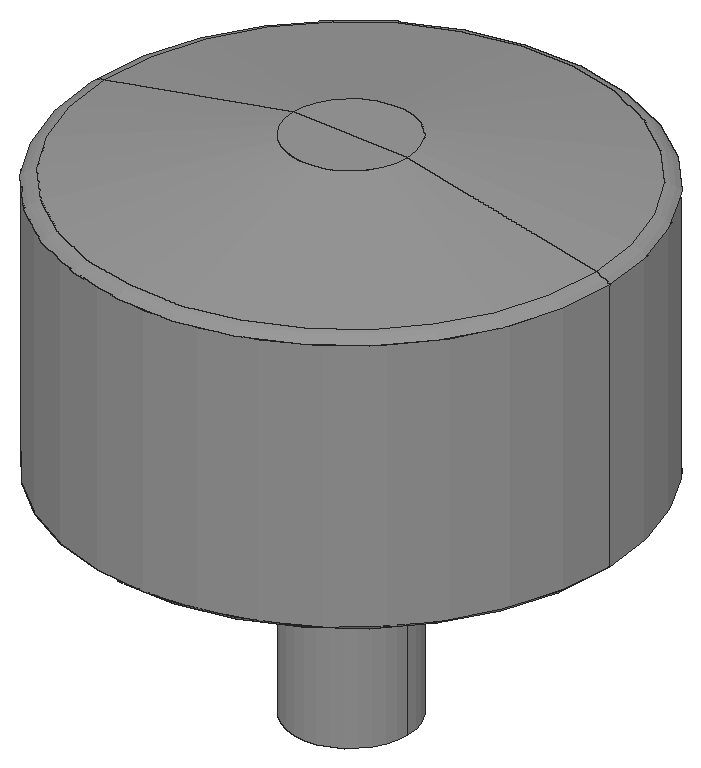
Revit family "WHB", category Pipe Accessories, Revit 2013
Parameters (values of type "A")
  URL = "www.mifab.com"
  N.P.T Connection = 0' - 0 3/4"
  Model = "WHB"
  Manufacturer = "Mifab"
  Material = Stainless Steel
  Length = 0' - 3 3/8"
  Diameter = 0' - 3 3/8"
  Description = "Stainless Steel Bellows Water Hammer Arrestors"
  Assembly Code = ""
Types (7): name | N.P.T Connection | Material | Length
  (no name) | 0' - 0 3/4" | Stainless Steel | 0' - 3 3/8"
  A | 0' - 0 3/4" | Stainless Steel | 0' - 3 3/8"
  B | 0' - 1" | Metal-Watts-Copper | 0' - 4"
  C | 0' - 1" | Metal-Watts-Copper | 0' - 4 3/8"
  D | 0' - 1" | Metal-Watts-Copper | 0' - 5 3/8"
  E | 0' - 1" | Metal-Watts-Copper | 0' - 7 1/4"
  F | 0' - 1" | Metal-Watts-Copper | 0' - 7 1/4"
Reference planes (in)
  plane 1 "Center (Front/Back)": y = 0
  plane 2: z = 0
  plane 3 "Center (Left/Right)": x = 0
  plane 4: x = -1.6875
  plane 5: x = 1.6875
  plane 6: x = -0.375
  plane 7: x = 0.375
  plane 8: z = 18.36437
  plane 9: z = 14.98937
Forms (in)
  Revolve 1, solid, material "Stainless Steel" <- "Material"
    sketch origin (0, 0, -0.28529) x (1, 0, 0) y (0, 0, 1)
      loop
        line (0, 18.36437) -> (1.6875, 18.36437)
        arc (1.6875, 18.36437) -> (1.64841, 18.39442) -> (1.60203, 18.41115) r 0.16027
        line (1.60203, 18.41115) -> (0.375, 18.64967) -> (0, 18.64967) -> (0, 18.36437)
      axis (0, 18.64967) -> (0, 18.36437)
    angle from 0 to 360
  Revolve 2, solid, material "Stainless Steel" <- "Material"
    sketch origin (0, 0, -0.28529) x (1, 0, 0) y (0, 0, 1)
      loop
        line (0, 18.36437) -> (0, 16.71966) -> (1.6875, 16.71966) -> (1.6875, 18.36437) -> (0, 18.36437)
      axis (0, 18.36437) -> (0, 16.71966)
    angle from 0 to 360
  Revolve 3, solid, material "Stainless Steel" <- "Material"
    sketch origin (0, 0, -0.28529) x (1, 0, 0) y (0, 0, 1)
      loop
        line (0, 15.27467) -> (0.375, 15.27467) -> (0.375, 16.43088) -> (0, 16.43088) -> (0, 15.27467)
      axis (0, 16.43088) -> (0, 15.27467)
    angle from 0 to 360
  Revolve 4, solid, material "Stainless Steel" <- "Material"
    sketch origin (0, 0, 34.79874) x (1, 0, 0) y (0, 0, -1)
      loop
        line (0, 18.36437) -> (1.6875, 18.36437)
        arc (1.6875, 18.36437) -> (1.64841, 18.39442) -> (1.60203, 18.41115) r 0.16027
        line (1.60203, 18.41115) -> (0.35705, 18.65316) -> (0, 18.65316) -> (0, 18.36437)
      axis (0, 18.65316) -> (0, 18.36437)
    angle from 0 to 360
Cuts and joins
  joined: Revolve 1, Revolve 2, Revolve 3
Lines and regions (in)
  model lines
    curve 1: line (0, 0, 14.73067) -> (0, 0, 9.54317)
Dimensions and locks (in)
  equal spacing: plane 4, plane 3 "Center (Left/Right)", plane 5
  "Diameter": plane 4 to plane 5
  equal spacing: plane 6, plane 3 "Center (Left/Right)", plane 7
  "N.P.T Connection": plane 6 to plane 7
  "Length": plane 8 to plane 9
  aligned and locked: plane 7 to Revolve 3 sketch curve
  aligned and locked: Revolve 2 sketch curve to plane 3 "Center (Left/Right)"
  aligned and locked: Revolve 1 sketch curve to plane 3 "Center (Left/Right)"
  aligned and locked: Revolve 3 sketch curve to plane 3 "Center (Left/Right)"
  aligned and locked: Revolve 4 sketch curve to cut or joined group of Revolve 1, Revolve 2, Revolve 3  (x2)
  aligned and locked: plane 9 to Revolve 3 sketch curve
Automatic sketch dimensions
  curve 1 to plane 3 "Center (Left/Right)" = 0' - 0"
  Revolve 2 sketch curve to plane 3 "Center (Left/Right)" = 0' - 0"
  plane 5 to Revolve 2 sketch curve = 0' - 0"
  Revolve 2 sketch curve to plane 9 = 0' - 1.445"
  plane 8 to Revolve 2 sketch curve = 0' - 0.28529"
  Revolve 2 sketch curve to plane 8 = 0' - 6.08831"
  Revolve 4 sketch curve to plane 3 "Center (Left/Right)" = 0' - 0"  (x2)
  plane 5 to Revolve 4 sketch curve = 0' - 0"
  Revolve 4 sketch curve to plane 7 = 0' - 0.01795"
  Revolve 4 sketch curve to plane 5 = 0' - 0.08547"
  Revolve 4 sketch curve to plane 5 = 0' - 0.11605"
  Revolve 4 sketch curve to Revolve 4 sketch curve = 0' - 0.04678"
  Revolve 4 sketch curve to plane 8 = 0' - 0.7153"
  Revolve 1 sketch curve to plane 3 "Center (Left/Right)" = 0' - 0"
  plane 7 to Revolve 1 sketch curve = 0' - 0"
  plane 5 to Revolve 1 sketch curve = 0' - 0"
  plane 5 to Revolve 1 sketch curve = 0' - 0.08547"
  plane 8 to Revolve 1 sketch curve = 0' - 0.23851"
  plane 5 to Revolve 1 sketch curve = 0' - 0.11605"
  Revolve 1 sketch curve to Revolve 1 sketch curve = 0' - 1.21471"
  Revolve 1 sketch curve to Revolve 1 sketch curve = 0' - 2 1/4"
  Revolve 1 sketch curve to plane 8 = 0' - 0"
  plane 8 to Revolve 1 sketch curve = 0' - 0.28529"
  plane 9 to curve 1 = 0' - 5.4462"
  plane 9 to curve 1 = 0' - 0.2587"
  level to Revolve 2 sketch curve = 0' - 7.45268"
  Revolve 4 sketch curve to plane 9 = 0' - 1.0903"
  Revolve 3 sketch curve to plane 3 "Center (Left/Right)" = 0' - 0"
  Revolve 3 sketch curve to plane 9 = 0' - 1.15621"
  Revolve 3 sketch curve to Revolve 3 sketch curve = 0' - 1.2496"
  Revolve 3 sketch curve to Revolve 3 sketch curve = 0' - 0 3/4"
Connectors (in)
  piping at (0, 0, 14.98937)
    settings: on Revolve 3, index 1, connector radius 1/2", flow factor 0, pipe flow 0 GPM, pressure drop 0.00 psi, fitting loss kfactor 0, connector angle 0.00°, fixture units 0, engagement length 0' - 0", flow configuration 1, flow direction 1, fitting loss method 0, system type 29, joint type 0, gender type 0, connector reference index -1, connector utility 0, adjustable connector no, is connector primary yes, fitting loss table "", connector description "In"
